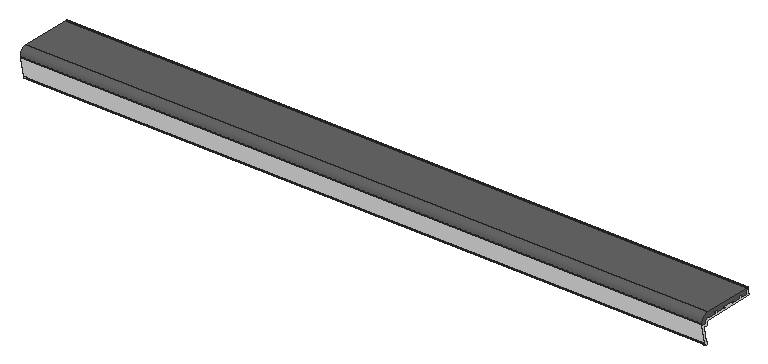
Revit family "Stair_Tread-Wooster-Spectra_Safety_Treads-WP3", category Specialty Equipment, host Face, Revit 2017
Family settings
  Host = Face
  Round Connector Dimension = Use Diameter
  Part Type = Normal
  OmniClass Number = 23.30.70.21.11.11.11
  OmniClass Title = Stair Nosings
  Cut with Voids When Loaded = No
  Shared = No
  Room Calculation Point = No
Parameters (values of type "WP3")
  Width [instance] = 0' - 3 1/16"  # constant formula
  Version = "2017 - v2.0a"  # constant formula
  URL = "http://www.wooster-products.com/"
  Support Phone = "(224) 699-9545"  # constant formula
  Support Email = "mailto:support@anguleris.com"
  Safety Tread [instance] = Filler - Wooster - Black - Abrasive Filler
  Product Page URL = "http://www.woosterproducts.com/products/extruded-aluminum/spectra/"
  Product Name = "Spectra Nosings"  # constant formula
  Product Documentation Link = "http://www.woosterproducts.com/spec/WP3.pdf"
  Model = "WP3"
  Material = ""
  Manufacturer Phone Number = "1-800-321-4936 or 330-264-2844"  # constant formula
  Manufacturer Fax Number = "330-262-4151"  # constant formula
  Manufacturer Email = "mailto:tim@wooster-products.com"
  Manufacturer Address = "1000 Spruce Street, P.O. BOX 6005, Wooster, OH. 44691"  # constant formula
  Manufacturer = "Wooster Productions Inc"  # constant formula
  Length Constraint [instance] = if(Length > 10' 0", 10' 0", Length)  # 3' - 0"
  Length [instance] = 3' - 0"
  Description = "Anti-Slip Stair Nosing"  # constant formula
  Depth = 0' - 1 1/2"  # constant formula
  Default Elevation = 0' - 0"  # constant formula
  Copyright = "Wooster Products Inc. 2019"  # constant formula
  Construction Type = "Existing Construction"  # constant formula
Reference planes (in)
  plane 1 "Center (Front/Back)": y = 0
  plane 2: z = 0
  plane 3 "Center (Left/Right)": x = 0
  plane 4 "Left": x = -18
  plane 5 "Right": x = 18
  plane 6 "Top": y = 1.53125
  plane 7 "Bottom": y = -1.53125
  plane 8 "Back": z = -1.48437
  plane 9: z = 0.01563
Forms (in)
  Sweep 1, solid, material "Filler - Wooster - Black - Abrasive Filler" <- "Safety Tread"
    path origin (0, 23.96621, 0.01563) x (0, 1, 0) y (-1, 0, 0)
      loop
        line (-22.43496, -18) -> (-22.43496, 18)
    profile "WP3 Abrasive Filler : WP3 Abrasive Filler" origin (0, 1.53125, 0.01562) x (0, -1, 0) y (0, 0, 1)
      loop
        line (0.06522, 0) -> (0.11544, -0.18743) -> (0.08414, -0.30424) -> (0.49412, -0.30424) -> (0.4691, -0.21085) -> (0.5941, -0.21085) -> (0.56908, -0.30424) -> (1.06821, -0.30424) -> (1.04319, -0.21085) -> (1.60416, -0.21085) -> (1.57914, -0.30424) -> (2.08812, -0.30424) -> (2.0631, -0.21085) -> (2.1881, -0.21085) -> (2.16307, -0.30424) -> (2.61757, -0.30424)
        arc (2.61757, -0.30424) -> (2.67905, -0.31418) -> (2.73425, -0.343) r 0.195
        line (2.73425, -0.343) -> (2.74412, -0.30617) -> (2.81059, -0.37263) -> (2.77377, -0.3825)
        arc (2.77377, -0.3825) -> (2.80628, -0.45011) -> (2.81086, -0.525) r 0.195
        line (2.81086, -0.525) -> (3.0626, -0.45755) -> (3.0626, -0.375)
        arc (3.0626, -0.375) -> (2.95289, -0.10996) -> (2.68796, 0) r 0.375
        line (2.68796, 0) -> (0.06522, 0)
  Sweep 2, solid, material "Metal - Wooster - Extruded Aluminum"
    path origin (0, 23.96621, 0.01563) x (0, 1, 0) y (-1, 0, 0)
      loop
        line (-22.43496, -18) -> (-22.43496, 18)
    profile "WP3 Aluminum Base : WP3 Aluminum Base" origin (0, 1.53125, 0.01562) x (0, -1, 0) y (0, 0, 1)
      loop
        line (0.05022, -0.18743) -> (0, -0.37485) -> (2.6176, -0.37485)
        arc (2.6176, -0.37485) -> (2.70598, -0.41147) -> (2.7426, -0.49985) r 0.125
        line (2.7426, -0.49985) -> (2.7426, -0.61329) -> (2.90339, -0.57021)
        arc (2.90339, -0.57021) -> (2.94799, -0.5816) -> (2.96147, -0.62562) r 0.047
        line (2.96147, -0.62562) -> (2.80748, -1.33188)
        arc (2.80748, -1.33188) -> (2.78459, -1.37574) -> (2.7426, -1.40191) r 0.094
        line (2.7426, -1.40191) -> (2.74754, -1.49985)
        arc (2.74754, -1.49985) -> (2.81592, -1.47574) -> (2.85404, -1.41408) r 0.109
        line (2.85404, -1.41408) -> (3.0626, -0.45755) -> (2.81086, -0.525)
        arc (2.81086, -0.525) -> (2.80628, -0.45011) -> (2.77377, -0.3825) r 0.195
        line (2.77377, -0.3825) -> (2.81059, -0.37263) -> (2.74412, -0.30617) -> (2.73425, -0.343)
        arc (2.73425, -0.343) -> (2.67905, -0.31418) -> (2.61757, -0.30424) r 0.195
        line (2.61757, -0.30424) -> (2.16307, -0.30424) -> (2.1881, -0.21085) -> (2.0631, -0.21085) -> (2.08812, -0.30424) -> (1.57914, -0.30424) -> (1.60416, -0.21085) -> (1.04319, -0.21085) -> (1.06821, -0.30424) -> (0.56908, -0.30424) -> (0.5941, -0.21085) -> (0.4691, -0.21085) -> (0.49412, -0.30424) -> (0.08414, -0.30424) -> (0.11544, -0.18743) -> (0.06522, 0) -> (0.00154, 0) -> (0.05022, -0.18743)
  Sweep 3, void
    path origin (0, 23.96621, 0.01563) x (0, 1, 0) y (-1, 0, 0)
      loop
        line (-22.43496, -18) -> (-22.43496, 18)
    profile "Void Cut WP3 : Void Cut WP3" origin (0, 1.53125, 0.01562) x (0, -1, 0) y (0, 0, 1)
      loop
        arc (2.6176, -0.37485) -> (2.70598, -0.41147) -> (2.7426, -0.49985) r 0.125
        line (2.7426, -0.49985) -> (2.7426, -0.61329) -> (3.0626, -0.52755) -> (3.0626, 0) -> (0.00154, 0) -> (0.05022, -0.18743) -> (0, -0.37485) -> (2.6176, -0.37485)
Lines and regions (in)
  Masking region 1
    outline origin (0, 0, 0) x (1, 0, 0) y (0, 1, 0)
      loop
        line (-18, 1.52971) -> (-18, -1.53135) -> (18, -1.53135) -> (18, 1.52971) -> (-18, 1.52971)
Dimensions and locks (in)
  equal spacing: plane 4 "Left", plane 3 "Center (Left/Right)", plane 5 "Right"
  "Length Constraint": plane 4 "Left" to plane 5 "Right"
  equal spacing: plane 7 "Bottom", plane 1 "Center (Front/Back)", plane 6 "Top"
  "Width": plane 7 "Bottom" to plane 6 "Top"
  plane 1 "Center (Front/Back)" to Masking region 1 = 0' - 1.52971"
  "Depth": plane 9 to plane 8 "Back"
  locked: plane 2 to plane 8 "Back" at 1.48438
  aligned and locked: plane 2 to host face
  aligned and locked: level to host face
  aligned and locked: plane 4 "Left" to Sweep 1 sketch curve
  aligned and locked: plane 5 "Right" to Sweep 1 sketch curve
  aligned and locked: plane 6 "Top" to Sweep 1 sketch curve
  aligned and locked: plane 6 "Top" to Sweep 2 sketch curve
  aligned and locked: plane 4 "Left" to Sweep 2 sketch curve
  aligned and locked: plane 5 "Right" to Sweep 2 sketch curve
  aligned and locked: plane 6 "Top" to Sweep 3 sketch curve
  aligned and locked: plane 4 "Left" to Sweep 3 sketch curve
  aligned and locked: plane 5 "Right" to Sweep 3 sketch curve
  aligned and locked: Masking region 1 sketch curve to Sweep 2  (x2)
  aligned and locked: Masking region 1 sketch curve to Sweep 1
  aligned and locked: Sweep 2 to Masking region 1 sketch curve
Automatic sketch dimensions
  host sketch curve to host sketch curve = 8' - 0"
  host sketch curve to host sketch curve = 4' - 0"
